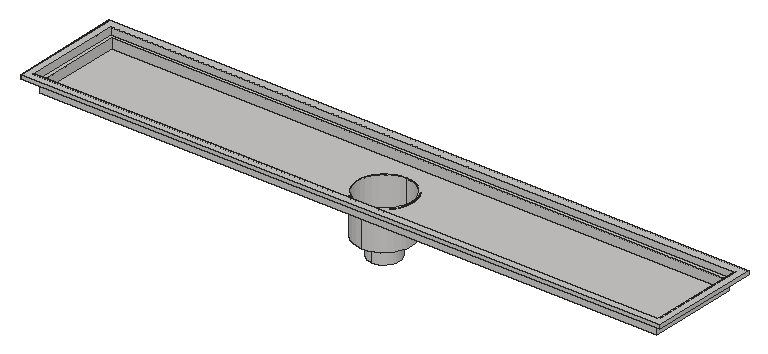
Revit family "QF_ZANUSSI_328065_FDB40230", category Attrezzature speciali, Revit 2020
Family settings
  Quota connettore circolare = Usa diametro
  Tipo di parte = Normale
  Basato su piano di lavoro = No
  Sempre verticale = Sì
  Taglio con vuoti quando caricato = No
  Condiviso = No
  Punto di calcolo locali = No
Parameters (values of type "Standard")
  Weight = 77.1618 lbm
  Watts = 0 W
  Volts = 0 V
  URL Manufacturer = "http://www.zanussiprofessional.com"
  URL = "http://www.zanussiprofessional.com"
  Steam Supply Size = 0"
  Steam Supply Minimum Pressure = 0.00 psi
  Steam Supply Maximum Pressure = 0.00 psi
  Steam Consumption per Hour = 0
  Refrigeration Suction Line Size = 0 mm
  Refrigeration Liquid Line Size = 0 mm
  Refrigerant Compressor Remote = yes
  Prospetto di default = 0 mm
  Phase = 0
  Modello = "FDB40230"
  Produttore = "Zanussi"
  Length Actual = 2300 mm  # constant formula
  Item Number = "328065"
  Hot Water Size = 0"
  Height Actual = 265 mm  # constant formula
  HP = "0 HP"
  Gas Size = 0"
  Gas KW = 0
  Gas Input Pressure = 0.0 Btu/h
  Direct Waste Size = 3.93701"
  Descrizione = "FLR.DRAIN+GRATE+C.SIPH-VERT.OUT.400X2300"
  Depth Actual = 400 mm  # constant formula
  Cycle = 0 Hz
  Condensate Return Size = 0"
  Compressed Air Volume = 0 GPM
  Compressed Air Size = 0"
  Compressed Air Pressure = 0.00 psi
  Cold Water Size = 0"
  Assembly Code = ""
  Accessory = yes
Reference planes
  plane 1: z = 0
  plane 2 "Center (Front/Back)": y = -102.225
  plane 3 "Center (Left/Right)": x = 9.791
  plane 4 "TOP": z = -265
  plane 5 "Back": y = 97.775
  plane 6 "Front": y = -302.225
  plane 7: x = -140.209
  plane 8: x = 159.791
  plane 9 "Right": x = 1159.791
  plane 10 "Left": x = -1140.209
  plane 11: x = 1134.791
Forms (mm)
  Revolve 1, solid, material "QF_Metal-Stainless-Polished"
    sketch origin (9.791, 0, 0) x (0, 1, 0) y (0, 0, 1)
      loop
        line (-2.225, -62) -> (0.775, -62) -> (0.775, -60) -> (-4.225, -60) -> (-4.225, -198) -> (-49.225, -198) -> (-49.225, -265) -> (-47.225, -265) -> (-47.225, -200) -> (-2.225, -200) -> (-2.225, -62)
      axis (-102.225, -265) -> (-102.225, -60)
    angle from 0 to 360
  Sweep 2, solid, material "QF_Finishes_Stainless Steel"
    path origin (0, 0, 0) x (1, 0, 0) y (0, 1, 0)
      loop
        line (-1140.209, 97.775) -> (-1140.209, -302.225) -> (1159.791, -302.225) -> (1159.791, 97.775) -> (-1140.209, 97.775)
    profile origin (9.791, 97.775, 0) x (0, 1, 0) y (0, 0, 1)
      loop
        line (0, -11.945) -> (0, 1) -> (-26, 1) -> (-26, -25) -> (-40, -25) -> (-40, -59) -> (-50, -59) -> (-50, -60) -> (-39, -60) -> (-39, -26) -> (-25, -26) -> (-25, 0.055) -> (-1, 0.055) -> (-1, -11.945) -> (0, -11.945)
  Extrusion 3, solid, material "QF_Finishes_Stainless Steel"
    sketch origin (0, 0, 0) x (1, 0, 0) y (0, 1, 0)
      loop
        line (-1090.209, 47.775) -> (-1090.209, -252.225) -> (1109.791, -252.225) -> (1109.791, 47.775) -> (-1090.209, 47.775)
      loop
        circle (9.791, -102.225) r 98
    from -59 to -60
Cuts and joins
  joined: Sweep 2, Extrusion 3
Lines and regions (mm)
  symbolic lines
    curve 1: line (-1140.209, 97.775, 0) -> (1159.791, 97.775, 0)
    curve 2: line (-1140.209, -302.225, 0) -> (-1140.209, 97.775, 0)
    curve 3: line (1159.791, -302.225, 0) -> (-1140.209, -302.225, 0)
    curve 4: line (1159.791, 97.775, 0) -> (1159.791, -302.225, 0)
    curve 5: circle (9.791, -102.225, 0) r 115 normal (0, 0, 1)
    curve 18: circle (9.791, -102.225, 0) r 115 normal (0, 0, -1)
    curve 24: circle (9.791, -102.225, 0) r 53 normal (0, 0, 1)
    curve 70: line (-1115.209, 72.775, 0) -> (-1115.209, -277.225, 0)
    curve 71: line (1134.791, 72.775, 0) -> (-1115.209, 72.775, 0)
    curve 72: line (-1115.209, -277.225, 0) -> (1134.791, -277.225, 0)
    curve 73: line (459.791, -277.225, 0) -> (459.791, 72.775, 0)
    curve 74: line (1134.791, 72.775, 0) -> (1134.791, -277.225, 0)
    curve 124: line (759.791, -277.225, 0) -> (759.791, 72.775, 0)
    curve 140: line (1059.791, -277.225, 0) -> (1059.791, 72.775, 0)
  model lines
    curve 6: line (-100.209, 71.775, 0) -> (-100.209, -276.225, 0)
    curve 7: line (-80.209, 71.775, 0) -> (-80.209, -276.225, 0)
    curve 8: line (-60.209, 71.775, 0) -> (-60.209, -276.225, 0)
    curve 9: line (-40.209, 71.775, 0) -> (-40.209, -276.225, 0)
    curve 10: line (-20.209, 71.775, 0) -> (-20.209, -276.225, 0)
    curve 11: line (-0.209, 71.775, 0) -> (-0.209, -276.225, 0)
    curve 12: line (19.791, 71.775, 0) -> (19.791, -276.225, 0)
    curve 13: line (39.791, 71.775, 0) -> (39.791, -276.225, 0)
    curve 14: line (59.791, 71.775, 0) -> (59.791, -276.225, 0)
    curve 15: line (79.791, 71.775, 0) -> (79.791, -276.225, 0)
    curve 16: line (99.791, 71.775, 0) -> (99.791, -276.225, 0)
    curve 17: line (119.791, 71.775, 0) -> (119.791, -276.225, 0)
    curve 19: line (-1115.209, -22.225, 0) -> (1134.791, -22.225, 0)
    curve 20: line (-1115.209, -42.225, 0) -> (1134.791, -42.225, 0)
    curve 21: line (-1115.209, -62.225, 0) -> (1134.791, -62.225, 0)
    curve 22: line (-1115.209, -102.225, 0) -> (1134.791, -102.225, 0)
    curve 23: line (-1115.209, -122.225, 0) -> (1134.791, -122.225, 0)
    curve 25: line (-1115.209, 37.775, 0) -> (1134.791, 37.775, 0)
    curve 26: line (-1115.209, 17.775, 0) -> (1134.791, 17.775, 0)
    curve 27: line (-1115.209, -2.225, 0) -> (1134.791, -2.225, 0)
    curve 28: line (-1115.209, -202.225, 0) -> (1134.791, -202.225, 0)
    curve 29: line (-1115.209, -182.225, 0) -> (1134.791, -182.225, 0)
    curve 30: line (-1115.209, -162.225, 0) -> (1134.791, -162.225, 0)
    curve 31: line (-1115.209, -142.225, 0) -> (1134.791, -142.225, 0)
    curve 32: line (-1115.209, -262.225, 0) -> (1134.791, -262.225, 0)
    curve 33: line (-1115.209, -242.225, 0) -> (1134.791, -242.225, 0)
    curve 34: line (-1115.209, -222.225, 0) -> (1134.791, -222.225, 0)
    curve 35: line (-1115.209, 57.775, 0) -> (1134.791, 57.775, 0)
    curve 36: line (139.791, 71.775, 0) -> (139.791, -276.225, 0)
    curve 37: line (159.791, 71.775, 0) -> (159.791, -276.225, 0)
    curve 38: line (179.791, 71.775, 0) -> (179.791, -276.225, 0)
    curve 39: line (199.791, 71.775, 0) -> (199.791, -276.225, 0)
    curve 40: line (219.791, 71.775, 0) -> (219.791, -276.225, 0)
    curve 41: line (239.791, 71.775, 0) -> (239.791, -276.225, 0)
    curve 42: line (259.791, 71.775, 0) -> (259.791, -276.225, 0)
    curve 43: line (279.791, 71.775, 0) -> (279.791, -276.225, 0)
    curve 44: line (299.791, 71.775, 0) -> (299.791, -276.225, 0)
    curve 45: line (319.791, 71.775, 0) -> (319.791, -276.225, 0)
    curve 46: line (339.791, 71.775, 0) -> (339.791, -276.225, 0)
    curve 47: line (359.791, 71.775, 0) -> (359.791, -276.225, 0)
    curve 48: line (379.791, 71.775, 0) -> (379.791, -276.225, 0)
    curve 49: line (399.791, 71.775, 0) -> (399.791, -276.225, 0)
    curve 50: line (419.791, 71.775, 0) -> (419.791, -276.225, 0)
    curve 51: line (439.791, 71.775, 0) -> (439.791, -276.225, 0)
    curve 52: line (459.791, 72.775, 0) -> (459.791, -277.225, 0)
    curve 53: line (-1115.209, -82.225, 0) -> (1134.791, -82.225, 0)
    curve 54: line (-360.209, 71.775, 0) -> (-360.209, -276.225, 0)
    curve 55: line (-340.209, 71.775, 0) -> (-340.209, -276.225, 0)
    curve 56: line (-320.209, 71.775, 0) -> (-320.209, -276.225, 0)
    curve 57: line (-300.209, 71.775, 0) -> (-300.209, -276.225, 0)
    curve 58: line (-280.209, 71.775, 0) -> (-280.209, -276.225, 0)
    curve 59: line (-260.209, 71.775, 0) -> (-260.209, -276.225, 0)
    curve 60: line (-240.209, 71.775, 0) -> (-240.209, -276.225, 0)
    curve 61: line (-220.209, 71.775, 0) -> (-220.209, -276.225, 0)
    curve 62: line (-200.209, 71.775, 0) -> (-200.209, -276.225, 0)
    curve 63: line (-180.209, 71.775, 0) -> (-180.209, -276.225, 0)
    curve 64: line (-160.209, 71.775, 0) -> (-160.209, -276.225, 0)
    curve 65: line (-140.209, 71.775, 0) -> (-140.209, -276.225, 0)
    curve 66: line (-120.209, 71.775, 0) -> (-120.209, -276.225, 0)
    curve 67: line (-420.209, 71.775, 0) -> (-420.209, -276.225, 0)
    curve 68: line (-400.209, 71.775, 0) -> (-400.209, -276.225, 0)
    curve 69: line (-380.209, 71.775, 0) -> (-380.209, -276.225, 0)
    curve 75: line (-660.209, 71.775, 0) -> (-660.209, -276.225, 0)
    curve 76: line (-640.209, 71.775, 0) -> (-640.209, -276.225, 0)
    curve 77: line (-620.209, 71.775, 0) -> (-620.209, -276.225, 0)
    curve 78: line (-600.209, 71.775, 0) -> (-600.209, -276.225, 0)
    curve 79: line (-580.209, 71.775, 0) -> (-580.209, -276.225, 0)
    curve 80: line (-560.209, 71.775, 0) -> (-560.209, -276.225, 0)
    curve 81: line (-540.209, 71.775, 0) -> (-540.209, -276.225, 0)
    curve 82: line (-520.209, 71.775, 0) -> (-520.209, -276.225, 0)
    curve 83: line (-500.209, 71.775, 0) -> (-500.209, -276.225, 0)
    curve 84: line (-480.209, 71.775, 0) -> (-480.209, -276.225, 0)
    curve 85: line (-460.209, 71.775, 0) -> (-460.209, -276.225, 0)
    curve 86: line (-440.209, 71.775, 0) -> (-440.209, -276.225, 0)
    curve 87: line (-720.209, 71.775, 0) -> (-720.209, -276.225, 0)
    curve 88: line (-700.209, 71.775, 0) -> (-700.209, -276.225, 0)
    curve 89: line (-680.209, 71.775, 0) -> (-680.209, -276.225, 0)
    curve 90: line (-960.209, 71.775, 0) -> (-960.209, -276.225, 0)
    curve 91: line (-940.209, 71.775, 0) -> (-940.209, -276.225, 0)
    curve 92: line (-920.209, 71.775, 0) -> (-920.209, -276.225, 0)
    curve 93: line (-900.209, 71.775, 0) -> (-900.209, -276.225, 0)
    curve 94: line (-880.209, 71.775, 0) -> (-880.209, -276.225, 0)
    curve 95: line (-860.209, 71.775, 0) -> (-860.209, -276.225, 0)
    curve 96: line (-840.209, 71.775, 0) -> (-840.209, -276.225, 0)
    curve 97: line (-820.209, 71.775, 0) -> (-820.209, -276.225, 0)
    curve 98: line (-800.209, 71.775, 0) -> (-800.209, -276.225, 0)
    curve 99: line (-780.209, 71.775, 0) -> (-780.209, -276.225, 0)
    curve 100: line (-760.209, 71.775, 0) -> (-760.209, -276.225, 0)
    curve 101: line (-740.209, 71.775, 0) -> (-740.209, -276.225, 0)
    curve 102: line (-1020.209, 71.775, 0) -> (-1020.209, -276.225, 0)
    curve 103: line (-1000.209, 71.775, 0) -> (-1000.209, -276.225, 0)
    curve 104: line (-980.209, 71.775, 0) -> (-980.209, -276.225, 0)
    curve 105: line (-1060.209, 71.775, 0) -> (-1060.209, -276.225, 0)
    curve 106: line (-1040.209, 71.775, 0) -> (-1040.209, -276.225, 0)
    curve 107: line (-1100.209, 71.775, 0) -> (-1100.209, -276.225, 0)
    curve 108: line (-1080.209, 71.775, 0) -> (-1080.209, -276.225, 0)
    curve 109: line (479.791, 71.775, 0) -> (479.791, -276.225, 0)
    curve 110: line (499.791, 71.775, 0) -> (499.791, -276.225, 0)
    curve 111: line (519.791, 71.775, 0) -> (519.791, -276.225, 0)
    curve 112: line (539.791, 71.775, 0) -> (539.791, -276.225, 0)
    curve 113: line (559.791, 71.775, 0) -> (559.791, -276.225, 0)
    curve 114: line (579.791, 71.775, 0) -> (579.791, -276.225, 0)
    curve 115: line (599.791, 71.775, 0) -> (599.791, -276.225, 0)
    curve 116: line (619.791, 71.775, 0) -> (619.791, -276.225, 0)
    curve 117: line (639.791, 71.775, 0) -> (639.791, -276.225, 0)
    curve 118: line (659.791, 71.775, 0) -> (659.791, -276.225, 0)
    curve 119: line (679.791, 71.775, 0) -> (679.791, -276.225, 0)
    curve 120: line (699.791, 71.775, 0) -> (699.791, -276.225, 0)
    curve 121: line (719.791, 71.775, 0) -> (719.791, -276.225, 0)
    curve 122: line (739.791, 71.775, 0) -> (739.791, -276.225, 0)
    curve 123: line (759.791, 72.775, 0) -> (759.791, -277.225, 0)
    curve 125: line (779.791, 71.775, 0) -> (779.791, -276.225, 0)
    curve 126: line (799.791, 71.775, 0) -> (799.791, -276.225, 0)
    curve 127: line (819.791, 71.775, 0) -> (819.791, -276.225, 0)
    curve 128: line (839.791, 71.775, 0) -> (839.791, -276.225, 0)
    curve 129: line (859.791, 71.775, 0) -> (859.791, -276.225, 0)
    curve 130: line (879.791, 71.775, 0) -> (879.791, -276.225, 0)
    curve 131: line (899.791, 71.775, 0) -> (899.791, -276.225, 0)
    curve 132: line (919.791, 71.775, 0) -> (919.791, -276.225, 0)
    curve 133: line (939.791, 71.775, 0) -> (939.791, -276.225, 0)
    curve 134: line (959.791, 71.775, 0) -> (959.791, -276.225, 0)
    curve 135: line (979.791, 71.775, 0) -> (979.791, -276.225, 0)
    curve 136: line (999.791, 71.775, 0) -> (999.791, -276.225, 0)
    curve 137: line (1019.791, 71.775, 0) -> (1019.791, -276.225, 0)
    curve 138: line (1039.791, 71.775, 0) -> (1039.791, -276.225, 0)
    curve 139: line (1059.791, 72.775, 0) -> (1059.791, -277.225, 0)
    curve 141: line (1079.791, 71.775, 0) -> (1079.791, -276.225, 0)
    curve 142: line (1099.791, 71.775, 0) -> (1099.791, -276.225, 0)
    curve 143: line (1119.791, 71.775, 0) -> (1119.791, -276.225, 0)
Dimensions and locks
  equal spacing: plane 8, plane 3 "Center (Left/Right)", plane 7
  level to plane 4 "TOP" = 265 mm
  locked: Revolve 1 sketch curve to Revolve 1 sketch curve at 100
  locked: Revolve 1 sketch curve to Revolve 1 sketch curve at 55
  locked: plane 8 to plane 7 at 300
  equal spacing: plane 6 "Front", plane 2 "Center (Front/Back)", plane 5 "Back"
  locked: plane 6 "Front" to plane 5 "Back" at 400
  equal spacing: plane 10 "Left", plane 3 "Center (Left/Right)", plane 9 "Right"
  locked: plane 10 "Left" to plane 9 "Right" at 2300
  locked: plane 11 to plane 9 "Right" at 25
  aligned and locked: level to plane 1
  aligned and locked: Sweep 2 sketch curve to plane 9 "Right"
  aligned and locked: curve 4 to plane 9 "Right"
  aligned and locked: plane 10 "Left" to Sweep 2 sketch curve
  aligned and locked: plane 10 "Left" to curve 2
  aligned and locked: plane 11 to curve 25
Automatic sketch dimensions
  plane 6 "Front" to Sweep 2 sketch curve = 0 mm
  plane 5 "Back" to Sweep 2 sketch curve = 0 mm
  level to Sweep 2 sketch curve = 1 mm
  Sweep 2 sketch curve to profile plane = 0 mm
  profile plane to Sweep 2 sketch curve = 1 mm
  profile plane to Sweep 2 sketch curve = 25 mm
  Sweep 2 sketch curve to Sweep 2 sketch curve = 1 mm  (x4)
  Sweep 2 sketch curve to Sweep 2 sketch curve = 14 mm
  level to Sweep 2 sketch curve = 0.055 mm
  Sweep 2 sketch curve to Sweep 2 sketch curve = 12 mm
  Sweep 2 sketch curve to level = 25 mm
  Sweep 2 sketch curve to Sweep 2 sketch curve = 33 mm
  Sweep 2 sketch curve to Sweep 2 sketch curve = 10 mm
  Extrusion 3 sketch curve to plane 2 "Center (Front/Back)" = 0 mm
  Extrusion 3 sketch curve to plane 3 "Center (Left/Right)" = 0 mm
  Extrusion 3 sketch curve to plane 9 "Right" = 50 mm
  Extrusion 3 sketch curve to plane 6 "Front" = 50 mm
  plane 5 "Back" to Extrusion 3 sketch curve = 50 mm
  plane 10 "Left" to Extrusion 3 sketch curve = 50 mm
  Revolve 1 sketch curve to plane 2 "Center (Front/Back)" = 0 mm
  Revolve 1 sketch curve to plane 4 "TOP" = 0 mm
  Revolve 1 sketch curve to Revolve 1 sketch curve = 2 mm  (x4)
  Revolve 1 sketch curve to Revolve 1 sketch curve = 3 mm
  plane 4 "TOP" to Revolve 1 sketch curve = 65 mm
  Revolve 1 sketch curve to level = 60 mm
  Revolve 1 sketch curve to plane 4 "TOP" = 344.6 mm
  level to Revolve 1 sketch curve = 2466.13 mm
  curve 5 to curve 18 = 0 mm  (x2)
  curve 5 to curve 24 = 0 mm  (x2)
  curve 22 to plane 2 "Center (Front/Back)" = 0 mm
  curve 65 to plane 7 = 0 mm
  curve 18 to plane 2 "Center (Front/Back)" = 0 mm
  curve 18 to plane 3 "Center (Left/Right)" = 0 mm
  curve 37 to plane 8 = 0 mm
  plane 6 "Front" to curve 3 = 0 mm
  plane 5 "Back" to curve 2 = 0 mm
  plane 10 "Left" to curve 71 = 25 mm
  plane 5 "Back" to curve 52 = 25 mm
  plane 8 to curve 52 = 300 mm
  curve 72 to plane 6 "Front" = 25 mm
  curve 73 to plane 6 "Front" = 25 mm
  plane 5 "Back" to curve 71 = 25 mm
  curve 70 to curve 107 = 15 mm
  curve 107 to curve 108 = 20 mm
  curve 108 to curve 105 = 20 mm
  curve 105 to curve 106 = 20 mm
  curve 106 to curve 102 = 20 mm
  curve 102 to curve 103 = 20 mm
  curve 103 to curve 104 = 20 mm
  curve 104 to curve 90 = 20 mm
  curve 90 to curve 91 = 20 mm
  curve 91 to curve 92 = 20 mm
  curve 92 to curve 93 = 20 mm
  curve 93 to curve 94 = 20 mm
  curve 94 to curve 95 = 20 mm
  curve 95 to curve 96 = 20 mm
  curve 96 to curve 97 = 20 mm
  curve 97 to curve 98 = 20 mm
  curve 98 to curve 99 = 20 mm
  curve 99 to curve 100 = 20 mm
  curve 100 to curve 101 = 20 mm
  curve 101 to curve 87 = 20 mm
  curve 87 to curve 88 = 20 mm
  curve 88 to curve 89 = 20 mm
  curve 89 to curve 75 = 20 mm
  curve 75 to curve 76 = 20 mm
  curve 76 to curve 77 = 20 mm
  curve 77 to curve 78 = 20 mm
  curve 78 to curve 79 = 20 mm
  curve 79 to curve 80 = 20 mm
  curve 80 to curve 81 = 20 mm
  curve 81 to curve 82 = 20 mm
  curve 82 to curve 83 = 20 mm
  curve 83 to curve 84 = 20 mm
  curve 84 to curve 85 = 20 mm
  curve 85 to curve 86 = 20 mm
  curve 86 to curve 67 = 20 mm
  curve 67 to curve 68 = 20 mm
  curve 68 to curve 69 = 20 mm
  curve 69 to curve 54 = 20 mm
  curve 54 to curve 55 = 20 mm
  curve 55 to curve 56 = 20 mm
  curve 56 to curve 57 = 20 mm
  curve 57 to curve 58 = 20 mm
  curve 58 to curve 59 = 20 mm
  curve 59 to curve 60 = 20 mm
  curve 60 to curve 61 = 20 mm
  curve 61 to curve 62 = 20 mm
  curve 62 to curve 63 = 20 mm
  curve 64 to plane 7 = 20 mm
  curve 65 to curve 66 = 20 mm
  curve 66 to curve 6 = 20 mm
  curve 6 to curve 7 = 20 mm
  curve 7 to curve 8 = 20 mm
  curve 8 to curve 9 = 20 mm
  curve 9 to curve 10 = 20 mm
  curve 11 to plane 3 "Center (Left/Right)" = 10 mm
  plane 3 "Center (Left/Right)" to curve 12 = 10 mm
  curve 12 to curve 13 = 20 mm
  curve 13 to curve 14 = 20 mm
  curve 14 to curve 15 = 20 mm
  curve 15 to curve 16 = 20 mm
  curve 16 to curve 17 = 20 mm
  curve 17 to curve 36 = 20 mm
  plane 8 to curve 38 = 20 mm
  curve 38 to curve 39 = 20 mm
  curve 39 to curve 40 = 20 mm
  curve 40 to curve 41 = 20 mm
  curve 41 to curve 42 = 20 mm
  curve 42 to curve 43 = 20 mm
  curve 43 to curve 44 = 20 mm
  curve 44 to curve 45 = 20 mm
  curve 45 to curve 46 = 20 mm
  curve 46 to curve 47 = 20 mm
  curve 47 to curve 48 = 20 mm
  curve 48 to curve 49 = 20 mm
  curve 49 to curve 50 = 20 mm
  curve 50 to curve 51 = 20 mm
  curve 52 to curve 109 = 20 mm
  curve 109 to curve 110 = 20 mm
  curve 110 to curve 111 = 20 mm
  curve 111 to curve 112 = 20 mm
  curve 112 to curve 113 = 20 mm
  curve 113 to curve 114 = 20 mm
  curve 114 to curve 115 = 20 mm
  curve 115 to curve 116 = 20 mm
  curve 116 to curve 117 = 20 mm
  curve 117 to curve 118 = 20 mm
  curve 118 to curve 119 = 20 mm
  curve 119 to curve 120 = 20 mm
  curve 120 to curve 121 = 20 mm
  curve 121 to curve 122 = 20 mm
  curve 122 to curve 124 = 20 mm
  curve 123 to curve 124 = 0 mm
  curve 123 to curve 125 = 20 mm
  curve 125 to curve 126 = 20 mm
  curve 126 to curve 127 = 20 mm
  curve 127 to curve 128 = 20 mm
  curve 128 to curve 129 = 20 mm
  curve 129 to curve 130 = 20 mm
  curve 130 to curve 131 = 20 mm
  curve 131 to curve 132 = 20 mm
  curve 132 to curve 133 = 20 mm
  curve 133 to curve 134 = 20 mm
  curve 134 to curve 135 = 20 mm
  curve 135 to curve 136 = 20 mm
  curve 136 to curve 137 = 20 mm
  curve 137 to curve 138 = 20 mm
  curve 138 to curve 139 = 20 mm
  curve 140 to curve 139 = 0 mm
  curve 139 to curve 141 = 20 mm
  curve 141 to curve 142 = 20 mm
  plane 11 to curve 143 = 15 mm
  curve 9 to plane 6 "Front" = 26 mm
  curve 136 to plane 6 "Front" = 26 mm
  curve 9 to curve 10 = 0 mm
  curve 135 to curve 136 = 0 mm  (x2)
  curve 10 to curve 11 = 0 mm  (x2)
  curve 134 to curve 135 = 0 mm  (x2)
  curve 11 to curve 12 = 0 mm  (x2)
  curve 133 to curve 134 = 0 mm  (x2)
  curve 12 to curve 13 = 0 mm  (x2)
  curve 132 to curve 133 = 0 mm  (x2)
  curve 13 to curve 14 = 0 mm  (x2)
  curve 131 to curve 132 = 0 mm  (x2)
  curve 14 to curve 15 = 0 mm  (x2)
  curve 130 to curve 131 = 0 mm  (x2)
  curve 15 to curve 16 = 0 mm  (x2)
  curve 129 to curve 130 = 0 mm  (x2)
  curve 16 to curve 17 = 0 mm  (x2)
  curve 128 to curve 129 = 0 mm  (x2)
  curve 127 to curve 128 = 0 mm  (x2)
  curve 126 to curve 127 = 0 mm  (x2)
  curve 125 to curve 126 = 0 mm  (x2)
  curve 136 to curve 137 = 0 mm  (x2)
  curve 8 to curve 9 = 0 mm  (x2)
  curve 124 to curve 122 = 1 mm
  curve 121 to curve 122 = 0 mm  (x2)
  curve 120 to curve 121 = 0 mm  (x2)
  curve 119 to curve 120 = 0 mm  (x2)
  curve 118 to curve 119 = 0 mm  (x2)
  curve 117 to curve 118 = 0 mm  (x2)
  curve 116 to curve 117 = 0 mm  (x2)
  curve 115 to curve 116 = 0 mm  (x2)
  curve 114 to curve 115 = 0 mm  (x2)
  curve 113 to curve 114 = 0 mm  (x2)
  curve 112 to curve 113 = 0 mm  (x2)
  curve 111 to curve 112 = 0 mm  (x2)
  curve 110 to curve 111 = 0 mm  (x2)
  curve 109 to curve 110 = 0 mm  (x2)
  curve 108 to plane 6 "Front" = 26 mm
  curve 70 to curve 107 = 1 mm
  curve 106 to plane 6 "Front" = 26 mm
  curve 105 to curve 106 = 0 mm
  curve 137 to curve 138 = 0 mm
  curve 103 to plane 6 "Front" = 26 mm
  curve 102 to curve 103 = 0 mm  (x2)
  curve 101 to plane 6 "Front" = 26 mm
  curve 100 to curve 101 = 0 mm
  curve 99 to curve 100 = 0 mm  (x2)
  curve 98 to curve 99 = 0 mm  (x2)
  curve 97 to curve 98 = 0 mm
  curve 96 to curve 97 = 0 mm  (x2)
  curve 95 to curve 96 = 0 mm  (x2)
  curve 94 to curve 95 = 0 mm  (x2)
  curve 17 to curve 36 = 0 mm  (x2)
  curve 93 to curve 94 = 0 mm  (x2)
  curve 36 to curve 37 = 0 mm  (x2)
  curve 92 to curve 93 = 0 mm  (x2)
  curve 37 to curve 38 = 0 mm  (x2)
  curve 91 to curve 92 = 0 mm  (x2)
  curve 38 to curve 39 = 0 mm  (x2)
  curve 90 to curve 91 = 0 mm  (x2)
  curve 39 to curve 40 = 0 mm  (x2)
  curve 89 to plane 6 "Front" = 26 mm
  curve 40 to curve 41 = 0 mm  (x2)
  curve 88 to curve 89 = 0 mm  (x2)
  curve 41 to curve 42 = 0 mm  (x2)
  curve 87 to curve 88 = 0 mm  (x2)
  curve 42 to curve 43 = 0 mm  (x2)
  curve 86 to plane 6 "Front" = 26 mm
  curve 43 to curve 44 = 0 mm  (x2)
  curve 85 to curve 86 = 0 mm  (x2)
  curve 44 to curve 45 = 0 mm  (x2)
  curve 84 to curve 85 = 0 mm  (x2)
  curve 45 to curve 46 = 0 mm  (x2)
  curve 83 to curve 84 = 0 mm  (x2)
  curve 46 to curve 47 = 0 mm  (x2)
  curve 82 to curve 83 = 0 mm  (x2)
  curve 47 to curve 48 = 0 mm  (x2)
  curve 81 to curve 82 = 0 mm  (x2)
  curve 48 to curve 49 = 0 mm  (x2)
  curve 80 to curve 81 = 0 mm
  curve 49 to curve 50 = 0 mm  (x2)
  curve 79 to curve 80 = 0 mm  (x2)
  curve 50 to curve 51 = 0 mm  (x2)
  curve 78 to curve 79 = 0 mm  (x2)
  curve 7 to curve 8 = 0 mm  (x2)
  curve 77 to curve 78 = 0 mm  (x2)
  curve 76 to curve 77 = 0 mm
  curve 75 to curve 76 = 0 mm  (x2)
  curve 54 to plane 6 "Front" = 26 mm
  curve 6 to curve 7 = 0 mm  (x2)
  curve 54 to curve 55 = 0 mm  (x2)
  curve 72 to curve 143 = 1 mm
  curve 55 to curve 56 = 0 mm  (x2)
  curve 139 to curve 141 = 1 mm
  curve 56 to curve 57 = 0 mm  (x2)
  curve 141 to curve 142 = 0 mm  (x2)
  curve 57 to curve 58 = 0 mm  (x2)
  curve 104 to curve 90 = 0 mm  (x2)
  curve 58 to curve 59 = 0 mm  (x2)
  curve 69 to curve 54 = 0 mm
  curve 59 to curve 60 = 0 mm  (x2)
  curve 68 to curve 69 = 0 mm  (x2)
  curve 60 to curve 61 = 0 mm  (x2)
  curve 67 to curve 68 = 0 mm  (x2)
  curve 61 to curve 62 = 0 mm  (x2)
  curve 66 to curve 6 = 0 mm
  curve 62 to curve 63 = 0 mm  (x2)
  curve 65 to curve 66 = 0 mm  (x2)
  curve 64 to curve 65 = 0 mm  (x2)
  curve 72 to curve 32 = 15 mm
  curve 32 to curve 33 = 20 mm
  curve 33 to curve 34 = 20 mm
  curve 34 to curve 28 = 20 mm
  curve 28 to curve 29 = 20 mm
  curve 29 to curve 30 = 20 mm
  curve 30 to curve 31 = 20 mm
  curve 23 to curve 22 = 20 mm
  plane 2 "Center (Front/Back)" to curve 53 = 20 mm
  curve 53 to curve 21 = 20 mm
  curve 21 to curve 20 = 20 mm
  curve 20 to curve 19 = 20 mm
  curve 19 to curve 27 = 20 mm
  curve 27 to curve 26 = 20 mm
  curve 26 to curve 25 = 20 mm
  curve 35 to curve 70 = 15 mm
  plane 5 "Back" to curve 47 = 26 mm
  plane 5 "Back" to curve 84 = 26 mm
  plane 5 "Back" to curve 87 = 26 mm
  plane 5 "Back" to curve 90 = 26 mm
  curve 89 to curve 75 = 0 mm
  plane 5 "Back" to curve 98 = 26 mm
  plane 5 "Back" to curve 6 = 26 mm
  curve 141 to curve 139 = 1 mm
  plane 5 "Back" to curve 56 = 26 mm
  plane 5 "Back" to curve 79 = 26 mm
  plane 5 "Back" to curve 102 = 26 mm
  plane 5 "Back" to curve 65 = 26 mm
  plane 5 "Back" to curve 105 = 26 mm
  curve 106 to curve 102 = 0 mm
  curve 143 to curve 71 = 1 mm
  curve 107 to curve 70 = 1 mm
  curve 108 to curve 105 = 0 mm
  plane 5 "Back" to curve 69 = 26 mm
  curve 109 to curve 52 = 1 mm
  curve 138 to curve 140 = 1 mm
  curve 125 to curve 123 = 1 mm
  curve 101 to curve 87 = 0 mm
  radius of Extrusion 3 sketch curve = 98 mm
  radius of curve 5 = 115 mm
  radius of curve 18 = 115 mm
  radius of curve 24 = 53 mm
Connectors
  piping at (9.791, -102.225, -265), diameter 100, driven by "Direct Waste Size"
    settings: on Revolve 1, index 1, connector inside diameter 24", connector length 0 mm, flow factor 0, pipe flow 0 GPM, pressure drop 0.00 psi, fitting loss kfactor 0, connector angle 0.00°, fixture units 0, engagement length 0 mm, angle of deflection 0.00°, flow configuration 1, flow direction 2, fitting loss method 0, system type 16, joint type 0, gender type 0, connector reference index -1, connector utility 0, adjustable connector no, is connector primary yes, connector description "Drain"
